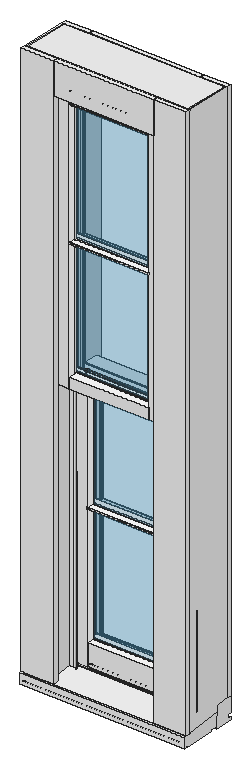
Revit family "B1-22N", category Generic Models, Revit 2012 (continued)
Forms (mm)
  Extrusion 84, solid, material "White" <- "Floor Material"
    from 372.603 to 378.603
  Extrusion 85, solid, material "White" <- "Floor Material"
    sketch origin (-577.425, -643.152, 0) x (-1, 0, 0) y (0, -1, 0)
      loop
        line (-232.504, -775.902) -> (-223.504, -775.902) -> (-223.504, -780.902) -> (-215.504, -780.902) -> (-215.504, -775.902) -> (-206.504, -775.902) -> (-206.504, -641.902) -> (-215.504, -641.902) -> (-215.504, -636.902) -> (-223.504, -636.902) -> (-223.504, -641.902) -> (-232.504, -641.902) -> (-232.504, -775.902)
    from 0 to 1684
  Extrusion 86, solid, material "White" <- "Floor Material"
    sketch origin (-577.425, -571.902, -672) x (-1, 0, 0) y (0, -1, 0)
      loop
        line (-162.504, -700.402) -> (-157.504, -700.402) -> (-157.504, -697.402)
        arc (-157.504, -697.402) -> (-151.847, -695.059) -> (-149.504, -689.402) r 8
        line (-149.504, -689.402) -> (-146.504, -689.402) -> (-146.504, -685.402) -> (-150.504, -684.402) -> (-150.504, -681.402) -> (-162.504, -681.402) -> (-162.504, -700.402)
    from 705 to 1545.52
  Extrusion 87, solid, material "White" <- "Floor Material"
    sketch origin (-577.425, -571.902, 81.96) x (-1, 0, 0) y (0, -1, 0)
      loop
        line (-162.504, -643.402) -> (-199.504, -643.402)
        arc (-199.504, -643.402) -> (-201.625, -644.281) -> (-202.504, -646.402) r 3
        line (-202.504, -646.402) -> (-202.504, -651.402) -> (-196.504, -651.402) -> (-196.504, -654.402) -> (-202.504, -654.402) -> (-202.504, -667.402) -> (-196.504, -667.402) -> (-196.504, -679.402) -> (-202.504, -679.402) -> (-202.504, -700.402)
        arc (-202.504, -700.402) -> (-201.625, -702.524) -> (-199.504, -703.402) r 3
        line (-199.504, -703.402) -> (-162.504, -703.402) -> (-162.504, -643.402)
    from 791.56 to 1603.04
Dimensions and locks
  plane 4 to level = 1770 mm
  plane 8 to plane 5 = 131 mm  (x2)
  plane 9 to plane 7 = 159 mm
  locked: plane 10 to plane 11 at 44
  locked: plane 4 to plane 12 at 100
  locked: plane 13 to plane 12 at 14
  plane 14 to level = 33 mm
  locked: Extrusion 57 to Extrusion 57 at 6
  Extrusion 4 to Extrusion 4 = 4 mm
  locked: plane 4 to plane 15 at 82
  plane 16 to level = 68 mm
  Extrusion 56 to Extrusion 23 = 1770 mm
  plane 23 to level = 1770 mm
  plane 27 to level = 484 mm
  plane 17 to plane 5 = 511 mm
  plane 29 to level = 1254.52 mm
  locked: Extrusion 84 to Extrusion 84 at 6
  aligned and locked: level to plane 2
  aligned and locked: Extrusion 5 to Extrusion 6
  aligned and locked: Extrusion 33 to Extrusion 32
  aligned and locked: Extrusion 15 to plane 8
  aligned and locked: Extrusion 13 to plane 8
  aligned and locked: Extrusion 20 to plane 8
  aligned and locked: Extrusion 17 to plane 8
  aligned and locked: Extrusion 16 to plane 8
  aligned and locked: Extrusion 18 to plane 8
  aligned and locked: Extrusion 21 to plane 8
  aligned and locked: Extrusion 8 to plane 8
  aligned and locked: Extrusion 10 to plane 8
  aligned and locked: Extrusion 3 to plane 8
  aligned and locked: Extrusion 9 to plane 8
  aligned and locked: Extrusion 5 to plane 8
  aligned and locked: Extrusion 7 to plane 8
  aligned and locked: Extrusion 6 to plane 8
  aligned and locked: Extrusion 9 to Extrusion 15
  aligned and locked: Extrusion 8 to Extrusion 15
  aligned and locked: Extrusion 28 to plane 8
  aligned and locked: Extrusion 26 to plane 8
  aligned and locked: Extrusion 30 to plane 8
  aligned and locked: Extrusion 33 to plane 8
  aligned and locked: Extrusion 32 to plane 8
  aligned and locked: Extrusion 34 to plane 8
  aligned and locked: Extrusion 35 to plane 8
  aligned and locked: Extrusion 31 to plane 8
  aligned and locked: Extrusion 27 to plane 8
  aligned and locked: Extrusion 4 to plane 8
  aligned and locked: plane 10 to Extrusion 2
  aligned and locked: plane 11 to Extrusion 1
  aligned and locked: Extrusion 42 to plane 11
  aligned and locked: plane 13 to Extrusion 42
  aligned and locked: plane 13 to Extrusion 43
  aligned and locked: plane 13 to Extrusion 53
  aligned and locked: plane 13 to Extrusion 52
  aligned and locked: plane 13 to Extrusion 51
  aligned and locked: plane 13 to Extrusion 45
  aligned and locked: Extrusion 14 to Extrusion 54
  aligned and locked: Extrusion 24 to plane 17
Types (3, lengths in mm): name | Width | Height | GlazingPanelMaterial | Floor Material
  Window Sill drawing | 1600 | 1250 | Glass | White
  Access Manager | 1250 | 1250 | none | none
  window family | 511 | 1770 | Glass | 1.12A ANCHOR FIXING
